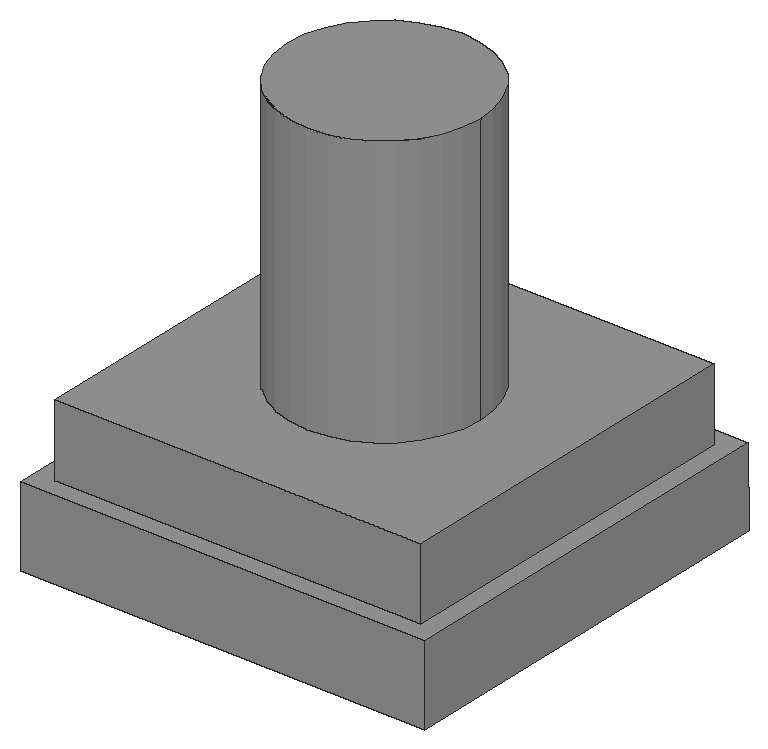
Revit family "VASARI 4 Square Fix Trim 02", category Lighting Fixtures, host Ceiling, Revit 2017
Family settings
  Host = Ceiling
  Round Connector Dimension = Use Diameter
  Part Type = Normal
  OmniClass Number = 23.80.70.11
  OmniClass Title = Luminaries for Internal Lighting
  Always vertical = Yes
  Cut with Voids When Loaded = No
  Light Source = Yes
  Shared = No
  Room Calculation Point = No
Parameters (values of type "100P")
  Wattage = 9.2903 W
  built-in parameter 1150110 = 1 (stored number, unit not read)
  built-in parameter 1114217 = 1 (stored number, unit not read)
  Tilt Angle = 90.00°
  built-in parameter 1150109 = 1 (stored number, unit not read)
  built-in parameter 1150134 = (empty or 0)
  built-in parameter 1150113 = 1 (stored number, unit not read)
  Photometric Web File = "ELR100P 35D.IES"
  Lumens = 1380 lm
  built-in parameter 1150115 = 1 (stored number, unit not read)
  built-in parameter 1150105 = 109.82 (stored number, unit not read)
  built-in parameter 1150137 = (empty or 0)
  built-in parameter 1150139 = (empty or 0)
  built-in parameter 1150112 = 1 (stored number, unit not read)
  built-in parameter 1150114 = 1 (stored number, unit not read)
  built-in parameter 1150132 = 2
  built-in parameter 1150102 = (empty or 0)
  built-in parameter 1150138 = (empty or 0)
  built-in parameter 1150107 = 3000 (stored number, unit not read)
  built-in parameter 1150106 = 1.0982 (stored number, unit not read)
  built-in parameter 1150104 = 13.8 (stored number, unit not read)
  Dimming Lamp Color Temperature Shift = <None>
  Color Filter = 16777215
  built-in parameter 1114218 = 1 (stored number, unit not read)
  built-in parameter 1150133 = 10 (stored number, unit not read)
Types (2, lengths in mm): name | Photometric Web File
  Type 1 | "ELR50P 35D.IES"
  100P | "ELR100P 35D.IES"
Reference planes
  plane 1 "Light Source Axis (F/B)": y = 0
  plane 2: z = 0
  plane 3 "Light Source Axis (L/R)": x = 0
  plane 4 "Ceiling": z = 4000
  plane 5 "Light Source Elevation": z = 4000
  plane 6 "Right": x = 68
  plane 7 "Left": x = -68
  plane 8: y = 68
  plane 9: y = -68
  plane 10: z = 4140
Forms (mm)
  Extrusion 1, solid, material "ELR Plastic, Opaque White"
    sketch origin (194.38, -0.73, 4000) x (0, 1, 0) y (-1, 0, 0)
      loop
        line (68.73, 262.38) -> (-67.27, 262.38) -> (-67.27, 126.38) -> (68.73, 126.38) -> (68.73, 262.38)
      loop
        line (62.23, 255.88) -> (-60.77, 255.88) -> (-60.77, 132.88) -> (62.23, 132.88) -> (62.23, 255.88)
    from -1.703 to 25
  Extrusion 2, solid, material "ELR Plastic, Opaque White"
    sketch origin (-0.386, -0.73, 4000) x (0, 1, 0) y (-1, 0, 0)
      loop
        line (62.23, 61.114) -> (-60.77, 61.114) -> (-60.77, -61.886) -> (62.23, -61.886) -> (62.23, 61.114)
    from 25 to 49.183
  Extrusion 3, solid, material "ELR Plastic, Opaque White"
    sketch origin (0.341, -0.73, 4000) x (0, 1, 0) y (-1, 0, 0)
      loop
        circle (0.73, 0.341) r 32.497
    from 49.183 to 140
  Extrusion 4, solid, material "ELR Light Emissive"
    sketch origin (0, 0, 4000) x (0, 1, 0) y (-1, 0, 0)
      loop
        line (61.5, 61.5) -> (-61.5, 61.5) -> (-61.5, -61.5) -> (61.5, -61.5) -> (61.5, 61.5)
    from 0 to 1
Lines and regions (mm)
  Opening 1
    outline origin (0, 0, 4000) x (1, 0, 0) y (0, 1, 0)
      loop
        line (-68, 68) -> (-68, -68) -> (68, -68) -> (68, 68) -> (-68, 68)
Dimensions and locks
  equal spacing: host sketch curve, plane 3 "Light Source Axis (L/R)", host sketch curve
  equal spacing: host sketch curve, plane 1 "Light Source Axis (F/B)", host sketch curve
  host sketch curve to host sketch curve = 4000 mm  (x2)
  plane 4 "Ceiling" to host ceiling = 0 mm
  plane 7 "Left" to plane 6 "Right" = 136 mm
  plane 9 to plane 8 = 136 mm
  imposter light to plane 10 = 140 mm
  plane 6 "Right" to plane 7 "Left" = 136 mm
  aligned and locked: plane 3 "Light Source Axis (L/R)" to imposter light
  aligned and locked: plane 1 "Light Source Axis (F/B)" to imposter light
  aligned and locked: plane 5 "Light Source Elevation" to imposter light
  aligned and locked: plane 10 to Extrusion 3
